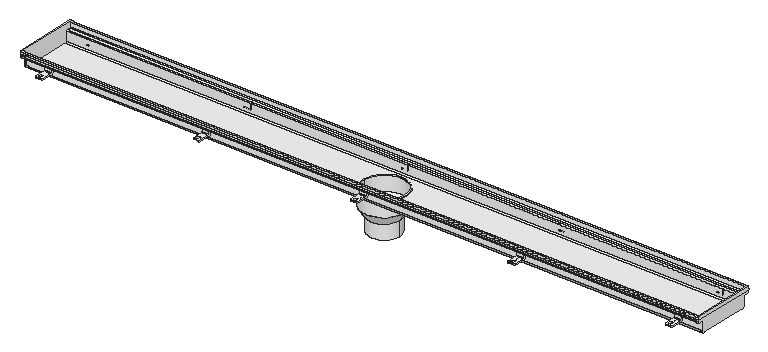
Revit family "P6090-ELTD", category Plumbing Fixtures, host Face, Revit 2018
Family settings
  Host = Face
  Round Connector Dimension = Use Diameter
  Part Type = Normal
  Cut with Voids When Loaded = No
  Shared = No
  Room Calculation Point = No
Parameters (values of type "P6090-ELTD-98")
  URL = "WWW.MIFAB.COM"
  Radius = 0' - 2"
  Model = "P6090-ELTD-98"
  Material = Paint - Sherwin Williams Paint - #952C2A - Bellwood Red
  Manufacturer = "MIFAB"
  Length = 8' - 2"
  Diameter = 0' - 4"
  Description = "9\" WIDE, 7\" INTERNAL WIDTH, STAINLESS STEEL ELEVATOR TRENCH DRAIN"
  Default Elevation = 4' - 0"
Types (4): name | Model | Length
  (no name) | "P6090-ELTD-98" | 8' - 2"
  P6090-ELTD-36 | "P6090-ELTD-36" | 3' - 0"
  P6090-ELTD-48 | "P6090-ELTD-48" | 4' - 0"
  P6090-ELTD-98 | "P6090-ELTD-98" | 8' - 2"
Reference planes (in)
  plane 1 "Center (Front/Back)": y = 0
  plane 2: z = 0
  plane 3 "Center (Left/Right)": x = -28.5
  plane 4: x = 69.5
  plane 5: x = 20.5
  plane 6: y = -8.81404
  plane 7: x = 69.42341
  plane 8: z = -8.0625
  plane 9: x = -28.44141
  plane 10: y = 4.5
  plane 11: y = -4.5
  plane 12: z = -0.9375
  plane 13: z = -2.5
  plane 14: z = -6
  plane 15: x = 69.44141
  plane 16: x = 69.38281
  plane 17: x = -28.38281
  plane 18: x = 18.5
  plane 19: x = 22.5
  plane 20: x = -25
  plane 21: x = 66
  plane 22: x = -2.25
  plane 23: x = 43.25
  plane 24: y = 5.51765
  plane 25: y = -5.51765
Forms (in)
  Extrusion 1, solid, material "Paint - Sherwin Williams Paint - #952C2A - Bellwood Red" <- "Material"
    sketch origin (-28.5, 0, 0) x (0, 1, 0) y (0, 0, 1)
      loop
        arc (3.6304, -2.27619) -> (3.58236, -2.39216) -> (3.46639, -2.4402) r 0.16401
        line (3.46639, -2.4402) -> (-3.46634, -2.4402)
        arc (-3.46634, -2.4402) -> (-3.58235, -2.39215) -> (-3.6304, -2.27614) r 0.16406
        line (-3.6304, -2.27614) -> (-3.6304, -1.0027)
        arc (-3.6304, -1.0027) -> (-3.66701, -0.91431) -> (-3.7554, -0.8777) r 0.125
        line (-3.7554, -0.8777) -> (-4.21553, -0.8777)
        arc (-4.21553, -0.8777) -> (-4.33211, -0.82941) -> (-4.3804, -0.71283) r 0.16487
        line (-4.3804, -0.71283) -> (-4.3804, -0.0598)
        arc (-4.3804, -0.0598) -> (-4.4402, 0) -> (-4.5, -0.0598) r 0.0598
        line (-4.5, -0.0598) -> (-4.5, -0.46875) -> (-4.4402, -0.46875) -> (-4.4402, -0.7179)
        arc (-4.4402, -0.7179) -> (-4.37588, -0.87318) -> (-4.2206, -0.9375) r 0.2196
        line (-4.2206, -0.9375) -> (-3.7546, -0.9375)
        arc (-3.7546, -0.9375) -> (-3.70906, -0.95636) -> (-3.6902, -1.0019) r 0.0644
        line (-3.6902, -1.0019) -> (-3.6902, -2.2804)
        arc (-3.6902, -2.2804) -> (-3.62588, -2.43568) -> (-3.4706, -2.5) r 0.2196
        line (-3.4706, -2.5) -> (3.4706, -2.5)
        arc (3.4706, -2.5) -> (3.62588, -2.43568) -> (3.6902, -2.2804) r 0.2196
        line (3.6902, -2.2804) -> (3.6902, -1)
        arc (3.6902, -1) -> (3.70851, -0.95581) -> (3.7527, -0.9375) r 0.0625
        line (3.7527, -0.9375) -> (4.2206, -0.9375)
        arc (4.2206, -0.9375) -> (4.37588, -0.87318) -> (4.4402, -0.7179) r 0.2196
        line (4.4402, -0.7179) -> (4.4402, -0.46875) -> (4.5, -0.46875) -> (4.5, -0.0598)
        arc (4.5, -0.0598) -> (4.4402, 0) -> (4.3804, -0.0598) r 0.0598
        line (4.3804, -0.0598) -> (4.3804, -0.71364)
        arc (4.3804, -0.71364) -> (4.33235, -0.82965) -> (4.21634, -0.8777) r 0.16406
        line (4.21634, -0.8777) -> (3.7554, -0.8777)
        arc (3.7554, -0.8777) -> (3.66701, -0.91431) -> (3.6304, -1.0027) r 0.125
        line (3.6304, -1.0027) -> (3.6304, -2.27619)
    from 0.11719 to 97.94141
  Extrusion 2, void
    sketch origin (0, 0, 0) x (1, 0, 0) y (0, 1, 0)
      loop
        line (-28.5, 4.5) -> (-28.5, -4.5) -> (69.5, -4.5) -> (69.5, 4.5) -> (-28.5, 4.5)
    from -6 to 0
  Extrusion 3, solid, material "Paint - Sherwin Williams Paint - #952C2A - Bellwood Red" <- "Material"
    sketch origin (19.5, 0, 0) x (0, 1, 0) y (0, 0, -1)
      loop
        arc (4.4402, 0.7179) -> (4.37588, 0.87318) -> (4.2206, 0.9375) r 0.2196
        line (4.2206, 0.9375) -> (3.7527, 0.9375)
        arc (3.7527, 0.9375) -> (3.70851, 0.95581) -> (3.6902, 1) r 0.0625
        line (3.6902, 1) -> (3.6902, 2.2804)
        arc (3.6902, 2.2804) -> (3.62588, 2.43568) -> (3.4706, 2.5) r 0.2196
        line (3.4706, 2.5) -> (-3.4706, 2.5)
        arc (-3.4706, 2.5) -> (-3.62588, 2.43568) -> (-3.6902, 2.2804) r 0.2196
        line (-3.6902, 2.2804) -> (-3.6902, 1.0019)
        arc (-3.6902, 1.0019) -> (-3.70906, 0.95636) -> (-3.7546, 0.9375) r 0.0644
        line (-3.7546, 0.9375) -> (-4.2206, 0.9375)
        arc (-4.2206, 0.9375) -> (-4.37588, 0.87318) -> (-4.4402, 0.7179) r 0.2196
        line (-4.4402, 0.7179) -> (-4.4402, 0.46875) -> (4.4402, 0.46875) -> (4.4402, 0.7179)
    from 47.88281 to 47.94141
  Sweep 4, solid, material "Paint - Sherwin Williams Paint - #952C2A - Bellwood Red" <- "Material"
    path origin (0, 0, 0) x (1, 0, 0) y (0, 1, 0)
      loop
        line (-28.44141, 4.5) -> (-28.44141, -4.5)
    profile origin (-28.44141, 0, 0) x (1, 0, 0) y (0, 0, 1)
      loop
        line (-0.05859, -0.05859) -> (-0.05859, -0.46875) -> (0.05859, -0.46875) -> (0.05859, -0.05859)
        arc (0.05859, -0.05859) -> (0, 0) -> (-0.05859, -0.05859) r 0.05859
  Extrusion 5, solid, material "Paint - Sherwin Williams Paint - #952C2A - Bellwood Red" <- "Material"
    sketch origin (-28.5, 0, 0) x (0, 1, 0) y (0, 0, 1)
      loop
        line (4.4402, -0.7179) -> (4.4402, -0.46875) -> (-4.4402, -0.46875) -> (-4.4402, -0.7179)
        arc (-4.4402, -0.7179) -> (-4.37588, -0.87318) -> (-4.2206, -0.9375) r 0.2196
        line (-4.2206, -0.9375) -> (-3.7546, -0.9375)
        arc (-3.7546, -0.9375) -> (-3.70906, -0.95636) -> (-3.6902, -1.0019) r 0.0644
        line (-3.6902, -1.0019) -> (-3.6902, -2.2804)
        arc (-3.6902, -2.2804) -> (-3.62588, -2.43568) -> (-3.4706, -2.5) r 0.2196
        line (-3.4706, -2.5) -> (3.4706, -2.5)
        arc (3.4706, -2.5) -> (3.62588, -2.43568) -> (3.6902, -2.2804) r 0.2196
        line (3.6902, -2.2804) -> (3.6902, -1)
        arc (3.6902, -1) -> (3.70851, -0.95581) -> (3.7527, -0.9375) r 0.0625
        line (3.7527, -0.9375) -> (4.2206, -0.9375)
        arc (4.2206, -0.9375) -> (4.37588, -0.87318) -> (4.4402, -0.7179) r 0.2196
    from 97.94141 to 97.88281
  Sweep 6, solid, material "Paint - Sherwin Williams Paint - #952C2A - Bellwood Red" <- "Material"
    path origin (-9, 0, 0) x (-1, 0, 0) y (0, 1, 0)
      loop
        line (-78.44141, 4.5) -> (-78.44141, -4.5)
    profile origin (69.44141, 0, 0) x (1, 0, 0) y (0, 0, 1)
      loop
        arc (0.05859, -0.05859) -> (0, 0) -> (-0.05859, -0.05859) r 0.05859
        line (-0.05859, -0.05859) -> (-0.05859, -0.46875) -> (0.05859, -0.46875) -> (0.05859, -0.05859)
  Revolve 7, solid, material "Paint - Sherwin Williams Paint - #952C2A - Bellwood Red" <- "Material"
    sketch origin (-4.5, 0, 0) x (1, 0, 0) y (0, 0, 1)
      loop
        line (23, -8.0625) -> (23, -6) -> (22.0375, -4.62501) -> (22.0375, -2.5) -> (21.85, -2.5) -> (21.85, -4.62501) -> (22.8125, -6) -> (22.8125, -8.0625) -> (23, -8.0625)
      axis (25, -8.0625) -> (25, -2.5)
    angle from 0 to 360
  Extrusion 8, void
    sketch origin (0, 0, 0) x (1, 0, 0) y (0, 1, 0)
      loop
        circle (20.5, 0) r 2.9625
    from -2.5 to -2.4402
  Sweep 9, solid, material "Paint - Sherwin Williams Paint - #952C2A - Bellwood Red" <- "Material", not visible
    path origin (0, 0, 0) x (1, 0, 0) y (0, 1, 0)
      loop
        line (69.38281, 0) -> (-28.38281, 0)
    profile origin (20.5, 0, 0) x (0, -1, 0) y (0, 0, 1)
      loop
        arc (-4.21353, 0) -> (-4.32954, -0.04805) -> (-4.3776, -0.16406) r 0.16406
        line (-4.3776, -0.16406) -> (-4.3776, -0.71349)
        arc (-4.3776, -0.71349) -> (-4.3295, -0.8296) -> (-4.21338, -0.8777) r 0.16421
        line (-4.21338, -0.8777) -> (-3.58353, -0.8777) -> (-3.58353, -0.75661) -> (-4.21338, -0.75661)
        arc (-4.21338, -0.75661) -> (-4.24387, -0.74398) -> (-4.2565, -0.71349) r 0.04312
        line (-4.2565, -0.71349) -> (-4.2565, -0.16406)
        arc (-4.2565, -0.16406) -> (-4.24392, -0.13368) -> (-4.21353, -0.12109) r 0.04297
        line (-4.21353, -0.12109) -> (4.21353, -0.12109)
        arc (4.21353, -0.12109) -> (4.24392, -0.13368) -> (4.2565, -0.16406) r 0.04297
        line (4.2565, -0.16406) -> (4.2565, -0.71349)
        arc (4.2565, -0.71349) -> (4.24387, -0.74398) -> (4.21338, -0.75661) r 0.04312
        line (4.21338, -0.75661) -> (3.58353, -0.75661) -> (3.58353, -0.8777) -> (4.21338, -0.8777)
        arc (4.21338, -0.8777) -> (4.3295, -0.8296) -> (4.3776, -0.71349) r 0.16421
        line (4.3776, -0.71349) -> (4.3776, -0.16406)
        arc (4.3776, -0.16406) -> (4.32954, -0.04805) -> (4.21353, 0) r 0.16406
        line (4.21353, 0) -> (-4.21353, 0)
Cuts and joins
  Extrusion 8 cuts Extrusion 1
  joined: Extrusion 1, Extrusion 3, Sweep 4, Extrusion 5, Sweep 6, Revolve 7
Lines and regions (in)
  model lines, not visible
    curve 1: line (59.65335, -20.93764, 0) -> (59.65335, -8.19764, 0)
    curve 2: line (59.65335, -8.19764, 0) -> (68.65335, -8.19764, 0)
    curve 3: line (59.65335, -20.93764, 0) -> (68.65335, -20.93764, 0)
    curve 4: line (59.65335, -14.56764, 0) -> (62.65335, -14.56764, 0)
    curve 5: line (16.3877, -20.88914, 0) -> (16.3877, -19.13914, 0)
    curve 6: line (16.3877, -19.13914, 0) -> (18.5127, -19.13914, 0)
    curve 7: line (18.5127, -19.13914, 0) -> (18.5127, -20.88914, 0)
    curve 8: line (17.4502, -19.13914, 0) -> (17.4502, -19.63914, 0)
    curve 9: line (-28.5, 3.11725, 1.65743) -> (-28.5, 3.11725, 2.15743)
    curve 10: line (-28.5, 3.11725, 2.15743) -> (-28.5, -3.88275, 2.15743)
    curve 11: line (-28.5, -3.88275, 2.15743) -> (-28.5, -3.88275, 1.65743)
    curve 12: line (-28.5, -0.38275, 2.15743) -> (-28.5, -0.38275, 2.65743)
    curve 13: line (89.73548, 99.85913, 0) -> (89.73548, 99.04811, 0)
    curve 14: line (90.48499, 99.04811, 0) -> (89.73548, 99.04811, 0)
    curve 15: line (90.48499, 99.04811, 0) -> (90.48499, 99.79811, 0)
Dimensions and locks (in)
  "Length": plane 3 "Center (Left/Right)" to plane 4
  equal spacing: plane 3 "Center (Left/Right)", plane 5, plane 4
  locked: plane 4 to plane 7 at 0.07659
  locked: plane 3 "Center (Left/Right)" to plane 9 at 0.05859
  equal spacing: plane 11, plane 1 "Center (Front/Back)", plane 10
  plane 11 to plane 10 = 0' - 9"
  locked: plane 2 to plane 12 at 0.9375
  locked: level to plane 13 at 2.5
  locked: plane 13 to plane 14 at 3.5
  locked: plane 14 to plane 8 at 2.0625
  locked: plane 2 to Extrusion 1 sketch curve at 0.0598  (x2)
  locked: plane 2 to Sweep 4 sketch curve at 0.05859
  locked: plane 15 to plane 4 at 0.05859
  locked: plane 16 to plane 15 at 0.05859
  locked: plane 17 to plane 9 at 0.05859
  locked: plane 4 to Sweep 6 sketch curve at 0.05859
  plane 5 to Revolve 7 sketch curve to Revolve 7 sketch curve = 0' - 2.9625" locked, 0' - 0 3/16" locked
  equal spacing: plane 5, Revolve 7 sketch curve, Revolve 7 sketch curve
  "Radius": Revolve 7 sketch curve to plane 5
  equal spacing: plane 19, plane 5, plane 18
  "Diameter": plane 19 to plane 18
  locked: plane 3 "Center (Left/Right)" to plane 20 at 3.5
  locked: plane 21 to plane 4 at 3.5
  equal spacing: plane 20, plane 22, plane 5
  equal spacing: plane 5, plane 23, plane 21
  locked: plane 25 to plane 11 at 1.01765
  locked: plane 24 to plane 10 at 1.01765
  aligned and locked: host face to plane 2
  aligned and locked: host face to level
  aligned and locked: Extrusion 2 sketch curve to plane 3 "Center (Left/Right)"
  aligned and locked: Extrusion 2 sketch curve to plane 4
  aligned and locked: Extrusion 2 to level
  aligned and locked: Extrusion 1 sketch curve to plane 11
  aligned and locked: Sweep 4 sketch curve to plane 9
  aligned and locked: plane 10 to Sweep 4 sketch curve
  aligned and locked: plane 11 to Sweep 4 sketch curve
  aligned and locked: plane 15 to Sweep 6 sketch curve
  aligned and locked: Sweep 6 sketch curve to plane 10
  aligned and locked: plane 11 to Sweep 6 sketch curve
  aligned and locked: cut or joined group of Extrusion 1, Extrusion 3, Sweep 4, Extrusion 5, Sweep 6, Revolve 7, Extrusion 8 to plane 17
  aligned and locked: Sweep 6 sketch curve to plane 4
  aligned and locked: cut or joined group of Extrusion 1, Extrusion 3, Sweep 4, Extrusion 5, Sweep 6, Revolve 7, Extrusion 8 to plane 15
  aligned and locked: plane 15 to cut or joined group of Extrusion 1, Extrusion 3, Sweep 4, Extrusion 5, Sweep 6, Revolve 7, Extrusion 8
  aligned and locked: plane 16 to cut or joined group of Extrusion 1, Extrusion 3, Sweep 4, Extrusion 5, Sweep 6, Revolve 7, Extrusion 8
  aligned and locked: Extrusion 8 sketch curve to Revolve 7  (x2)
  aligned and locked: cut or joined group of Extrusion 1, Extrusion 3, Sweep 4, Extrusion 5, Sweep 6, Revolve 7, Extrusion 8 to Extrusion 8  (x2)
  aligned and locked: Sweep 9 sketch curve to plane 1 "Center (Front/Back)"
  aligned and locked: plane 17 to Sweep 9 sketch curve
  aligned and locked: plane 16 to Sweep 9 sketch curve
  aligned and locked: Sweep 9 sketch curve to plane 2
  aligned and locked: cut or joined group of Extrusion 1, Extrusion 3, Sweep 4, Extrusion 5, Sweep 6, Revolve 7, Extrusion 8 to Sweep 9 sketch curve
  aligned and locked: nested 1 to cut or joined group of Extrusion 1, Extrusion 3, Sweep 4, Extrusion 5, Sweep 6, Revolve 7, Extrusion 8  (x2)
  aligned and locked: plane 12 to nested 1
  aligned and locked: plane 20 to nested 2
  aligned and locked: nested 1 to plane 20
  aligned and locked: cut or joined group of Extrusion 1, Extrusion 3, Sweep 4, Extrusion 5, Sweep 6, Revolve 7, Extrusion 8 to nested 2
  aligned and locked: nested 3 to plane 21
  aligned and locked: nested 4 to plane 21
  aligned and locked: nested 5 to plane 22
  aligned and locked: plane 22 to nested 6
  aligned and locked: nested 8 to plane 23
  aligned and locked: nested 7 to plane 23
  aligned and locked: nested 9 to plane 5
  aligned and locked: plane 5 to nested 10
  aligned and locked: Extrusion 2 sketch curve to plane 10
  aligned and locked: plane 11 to Extrusion 2 sketch curve
  aligned and locked: plane 24 to nested 1
  aligned and locked: plane 24 to nested 5
  aligned and locked: plane 24 to nested 9
  aligned and locked: plane 24 to nested 7
  aligned and locked: plane 24 to nested 3
  aligned and locked: plane 25 to nested 4
  aligned and locked: plane 25 to nested 8
  aligned and locked: nested 10 to plane 25
  aligned and locked: nested 6 to plane 25
  aligned and locked: nested 2 to plane 25
Automatic sketch dimensions
  curve 1 to curve 2 = 1' - 0.74"
  curve 4 to curve 4 = 0' - 3"
  curve 4 to curve 3 = 0' - 6"
  curve 4 to curve 2 = 0' - 6"
  curve 1 to curve 4 = 0' - 6.37"
  curve 5 to curve 7 = 0' - 2 1/8"
  curve 8 to curve 6 = 0' - 1 1/16"
  curve 8 to curve 6 = 0' - 0 1/2"
  curve 5 to curve 8 = 0' - 1 1/4"
  curve 7 to curve 8 = 0' - 1 1/4"
  host sketch curve to host sketch curve = 10' - 3.12622"
  host sketch curve to host sketch curve = 5' - 0.25933"
  Extrusion 1 sketch curve to plane 12 = 0' - 0"  (x2)
  Extrusion 1 sketch curve to plane 13 = 0' - 0"
  Extrusion 1 sketch curve to plane 10 = 0' - 0"
  Extrusion 1 sketch curve to Extrusion 1 sketch curve = 0' - 0.0598"  (x4)
  Extrusion 1 sketch curve to Extrusion 1 sketch curve = 0' - 0.1598"  (x2)
  Extrusion 1 sketch curve to Extrusion 1 sketch curve = 0' - 0.00507"
  plane 12 to Extrusion 1 sketch curve = 0' - 0.0598"
  Extrusion 1 sketch curve to Extrusion 1 sketch curve = 0' - 0.46013"
  Extrusion 1 sketch curve to Extrusion 1 sketch curve = 0' - 0.0008"
  Extrusion 1 sketch curve to plane 12 = 0' - 0.0644"
  Extrusion 1 sketch curve to Extrusion 1 sketch curve = 0' - 0.00426"  (x2)
  plane 13 to Extrusion 1 sketch curve = 0' - 0.22381"
  Extrusion 1 sketch curve to plane 10 = 0' - 1.03361"
  Extrusion 1 sketch curve to Extrusion 1 sketch curve = 0' - 0.00421"
  Extrusion 1 sketch curve to plane 12 = 0' - 0.0652"
  Extrusion 1 sketch curve to plane 10 = 0' - 0.8696"
  Extrusion 1 sketch curve to Extrusion 1 sketch curve = 0' - 0 1/16"
  Extrusion 1 sketch curve to Extrusion 1 sketch curve = 0' - 0.0027"
  Extrusion 1 sketch curve to plane 10 = 0' - 0.28366"
  Extrusion 1 sketch curve to Extrusion 1 sketch curve = 0' - 0.1196"
  Extrusion 1 sketch curve to plane 10 = 0' - 0.0598"
  Extrusion 1 sketch curve to Extrusion 1 sketch curve = 0' - 0.24915"  (x2)
  Extrusion 3 sketch curve to plane 12 = 0' - 0"  (x2)
  Extrusion 3 sketch curve to plane 13 = 0' - 0"
  Extrusion 3 sketch curve to plane 11 = 0' - 0.0598"
  Extrusion 3 sketch curve to Extrusion 3 sketch curve = 0' - 0.2196"  (x2)
  Extrusion 3 sketch curve to Extrusion 3 sketch curve = 0' - 0.466"
  plane 13 to Extrusion 3 sketch curve = 0' - 0.2196"
  Extrusion 3 sketch curve to plane 11 = 0' - 0.8098"
  Extrusion 3 sketch curve to plane 10 = 0' - 1.0294"
  Extrusion 3 sketch curve to Extrusion 3 sketch curve = 0' - 0 1/16"
  plane 12 to Extrusion 3 sketch curve = 0' - 0.2196"
  Extrusion 3 sketch curve to plane 10 = 0' - 0.2794"
  Extrusion 3 sketch curve to Extrusion 3 sketch curve = 0' - 0.24915"
  profile plane to Sweep 4 sketch curve = 0' - 0"
  profile plane to Sweep 4 sketch curve = 0' - 0 15/256"
  Sweep 4 sketch curve to Sweep 4 sketch curve = 0' - 0 105/256"
  Extrusion 5 sketch curve to plane 12 = 0' - 0"  (x2)
  Extrusion 5 sketch curve to plane 13 = 0' - 0"
  Extrusion 5 sketch curve to plane 11 = 0' - 0.0598"
  Extrusion 5 sketch curve to Extrusion 5 sketch curve = 0' - 0.2196"  (x2)
  Extrusion 5 sketch curve to Extrusion 5 sketch curve = 0' - 0.466"
  plane 13 to Extrusion 5 sketch curve = 0' - 0.2196"
  Extrusion 5 sketch curve to plane 11 = 0' - 0.8098"
  Extrusion 5 sketch curve to plane 10 = 0' - 1.0294"
  Extrusion 5 sketch curve to Extrusion 5 sketch curve = 0' - 0 1/16"
  plane 12 to Extrusion 5 sketch curve = 0' - 0.2196"
  Extrusion 5 sketch curve to plane 10 = 0' - 0.2794"
  Extrusion 5 sketch curve to Extrusion 5 sketch curve = 0' - 0.24915"
  Sweep 6 sketch curve to level = 0' - 0 15/32"
  Sweep 6 sketch curve to level = 0' - 0 15/256"
  Sweep 9 sketch curve to Sweep 9 sketch curve = 0' - 0"  (x8)
  Sweep 9 sketch curve to level = 0' - 0 21/128"  (x2)
  profile plane to Sweep 9 sketch curve = 0' - 4.3776"
  Sweep 9 sketch curve to Sweep 9 sketch curve = 0' - 0 31/256"
  Sweep 9 sketch curve to Sweep 9 sketch curve = 0' - 0.04312"
  Sweep 9 sketch curve to Sweep 9 sketch curve = 0' - 0.62986"  (x2)
  Sweep 9 sketch curve to profile plane = 0' - 3.58353"
  Sweep 9 sketch curve to Sweep 9 sketch curve = 0' - 0.00015"
  Sweep 9 sketch curve to level = 0' - 0.8777"
  Revolve 7 sketch curve to plane 14 = 0' - 0"  (x2)
  Revolve 7 sketch curve to plane 8 = 0' - 0"
  Revolve 7 sketch curve to plane 5 = 0' - 0"
  Revolve 7 sketch curve to plane 13 = 0' - 0"
  Revolve 7 sketch curve to plane 18 = 0' - 0 3/16"
  plane 14 to Revolve 7 sketch curve = 0' - 1 3/8"
  Revolve 7 sketch curve to Revolve 7 sketch curve = 0' - 0"
  Revolve 7 sketch curve to plane 8 = 0' - 0.59023"
  Revolve 7 sketch curve to Revolve 7 sketch curve = 0' - 0 3/4"
Nested families (in)
  nested 1: "Connection" at (-25, 3.6902, -1.93631) x (0, -1, 0) z (0, 0, 1), type "Connection"
  nested 2: "Connection" at (-25, -3.6902, -1.93631) x (0, 1, 0) z (0, 0, 1), type "Connection"
  nested 3: "Connection" at (66, 3.6902, -1.93631) x (0, -1, 0) z (0, 0, 1), type "Connection"
  nested 4: "Connection" at (66, -3.6902, -1.93631) x (0, 1, 0) z (0, 0, 1), type "Connection"
  nested 5: "Connection" at (-2.25, 3.6902, -1.93631) x (0, -1, 0) z (0, 0, 1), type "Connection"
  nested 6: "Connection" at (-2.25, -3.6902, -1.93631) x (0, 1, 0) z (0, 0, 1), type "Connection"
  nested 7: "Connection" at (43.25, 3.6902, -1.93631) x (0, -1, 0) z (0, 0, 1), type "Connection"
  nested 8: "Connection" at (43.25, -3.6902, -1.93631) x (0, 1, 0) z (0, 0, 1), type "Connection"
  nested 9: "Connection" at (20.5, 3.6902, -1.93631) x (0, -1, 0) z (0, 0, 1), type "Connection"
  nested 10: "Connection" at (20.5, -3.6902, -1.93631) x (0, 1, 0) z (0, 0, 1), type "Connection"
Connectors (in)
  piping at (20.5, 0, -8.0625), diameter 4, driven by "Diameter"
    settings: on Revolve 7, index 1, connector inside diameter 609.6 mm, connector length 0' - 0", flow factor 0, pipe flow 0.0 L/s, pressure drop 0.0 Pa, fitting loss kfactor 0, connector angle 0.00°, fixture units 0, engagement length 0' - 0", angle of deflection 0.00°, flow configuration 0, flow direction 0, fitting loss method 0, system type 7, joint type 0, gender type 0, connector reference index -1, connector utility 0, adjustable connector no, is connector primary yes, connector description ""
Definition of nested family "Connection"
  Parameters (values of type "Connection")
    Material = none
  Reference planes (in)
    plane 1 "Center (Front/Back)": y = 0
    plane 2: z = 0
    plane 3 "Center (Left/Right)": x = 0
  Forms (in)
    Extrusion 1, solid, material <- "Material"
      sketch origin (0, 0.375, 0) x (1, 0, 0) y (0, 0, 1)
        loop
          arc (0, 0.93631) -> (-0.01831, 0.98051) -> (-0.0625, 0.99881) r 0.0625
          line (-0.0625, 0.99881) -> (-0.11952, 0.99881) -> (-0.11952, 0.21946)
          arc (-0.11952, 0.21946) -> (-0.14879, 0.14879) -> (-0.21946, 0.11952) r 0.09993
          line (-0.21946, 0.11952) -> (-1.82745, 0.11952) -> (-1.82745, 0) -> (-0.23806, 0)
          arc (-0.23806, 0) -> (-0.06973, 0.06973) -> (0, 0.23806) r 0.23806
          line (0, 0.23806) -> (0, 0.93631)
      from -0.12467 to 0.87467
    Extrusion 2, void
      sketch origin (0, 0, 0) x (1, 0, 0) y (0, 1, 0)
        loop
          line (-1.82745, 0.49992) -> (-1.82745, 0.37475)
          arc (-1.82745, 0.37475) -> (-1.79086, 0.46308) -> (-1.70253, 0.49992) r 0.12492
          line (-1.70253, 0.49992) -> (-1.82745, 0.49992)
        loop
          line (-1.82745, -0.49967) -> (-1.70253, -0.49967)
          arc (-1.70253, -0.49967) -> (-1.79086, -0.46308) -> (-1.82745, -0.37475) r 0.12492
          line (-1.82745, -0.37475) -> (-1.82745, -0.49967)
        loop
          circle (-1.45269, 0) r 0.24984
      from 0 to 0.17187
  Cuts and joins
    Extrusion 2 cuts Extrusion 1
  Lines and regions (in)
    model lines, not visible
      curve 1: line (-2.74275, 1.57536, 0) -> (-2.74275, 2.51224, 0)
      curve 2: arc (-2.74275, 2.51224, 0) -> (-2.70616, 2.60057, 0) -> (-2.61783, 2.63716, 0) r 0.12492
      curve 3: line (-2.61783, 2.63716, 0) -> (-1.86833, 2.63716, 0)
      curve 4: arc (-1.86833, 2.63716, 0) -> (-1.78, 2.60057, 0) -> (-1.74341, 2.51224, 0) r 0.12492
      curve 5: line (-1.74341, 2.51224, 0) -> (-1.74341, 1.57536, 0)
      curve 6: arc (-2.24308, 2.01257, 0) -> (-1.99324, 2.2624, 0) -> (-2.24308, 2.51224, 0) r 0.24984
      curve 7: arc (-2.24308, 2.51224, 0) -> (-2.49292, 2.2624, 0) -> (-2.24308, 2.01257, 0) r 0.24984
      curve 8: line (-0.21946, 0, 0.11952) -> (-1.81131, 0, 0.11952)
      curve 9: line (-1.81131, 0, 0) -> (-0.21946, 0, 0)
      curve 10: line (-0.11952, 0, 0.9974) -> (-0.11952, 0, 0.21946)
      curve 11: line (0, 0, 0.89941) -> (0, 0, 0.21946)
      curve 12: arc (0, 0, 0.89941) -> (-0.03657, 0, 0.97669) -> (-0.11952, 0, 0.9974) r 0.09993
      curve 13: arc (-0.21946, 0, 0) -> (-0.06428, 0, 0.06428) -> (0, 0, 0.21946) r 0.21946
      curve 14: arc (-0.21946, 0, 0.11952) -> (-0.14879, 0, 0.14879) -> (-0.11952, 0, 0.21946) r 0.09993
      curve 15: line (-1.81131, 0, 0.11952) -> (-1.81131, 0, 0)
  Dimensions and locks (in)
    aligned and locked: level to plane 2
